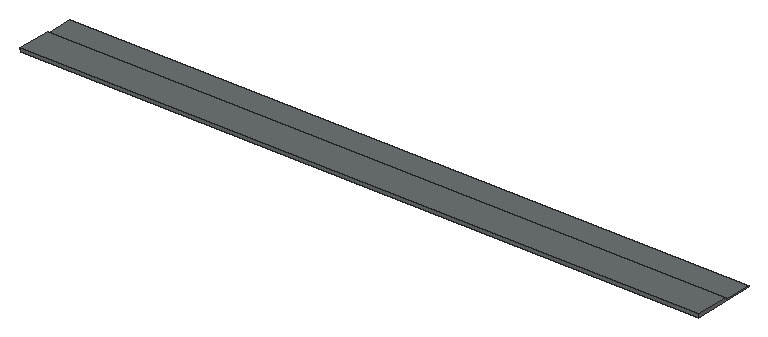
Revit family "BIMLIB_ПланкаФинишная_GRANDLINE", category Обобщенные модели, Revit 2017
Family settings
  Может служить основой для арматурных стержней = Нет
  Размер круглого соединителя = Использовать диаметр
  Тип детали = Нормальный
  При загрузке вырезать с полостями = Нет
  Общий = Нет
  Точка расчета площади = Нет
Parameters (values of type "Планка финишная")
  Смещение от плоскости [instance] = 0 mm
  Описание = ADSK_Наименование  # "Планка финишная"
  Изготовитель = "Grand Line"  # constant formula
  built-in parameter 1001306 [instance] = 500 mm
  Watermark [instance] = "Модели защищены уникальным кодом"
  URL = "https://www.grandline.ru"
  BL_Разработано = "support@bimlib.pro"
  BL_Email = "info@grandline.ru"
  BL_BIM library = "https://bimlib.pro/manufacturer/company/22430"
  ADSK_Размер_Длина [instance] = [built-in parameter 1001306]  # 500 mm
  ADSK_Обозначение = "ГОСТ 19904-90, ГОСТ 14918-80"
  ADSK_Наименование = "Планка финишная"
  ADSK_Материал тип подсчета = 1  # constant formula
  ADSK_Материал = GL_Drap_RAL7016
  ADSK_Масса_Текст [instance] = ""
  ADSK_Масса [instance] = 0
  ADSK_Марка = ""
  ADSK_Количество [instance] = if(ADSK_Материал тип подсчета = 0, 1, if(ADSK_Материал тип подсчета = 1, ADSK_Размер_Длина / 1000 mm, 0))  # 0.5
  ADSK_Код изделия = "M16.016.01"  # constant formula
  ADSK_Завод-изготовитель = "Grand Line"  # constant formula
  ADSK_Единица измерения = "м"  # constant formula
  ADSK_Группирование = "Доборные элементы"  # constant formula
  ADSK_Версия Revit = "2017"  # constant formula
  ADSK_URL страницы изделия = "https://www.grandline.ru/planka-finisnaa-1200h46h25-05-satin-s-plenkoj-ral-9003-signalnyj-belyj-390791.html"
  ADSK_URL документации изделия = "https://www.grandline.ru/uploads/files/chertezhi_vse/dobornye_elementy/de_sofity/Planka_finishnaia_46x25.jpg"
Reference planes
  plane 1 "По центру (Вперед/Назад)": y = 0
  plane 2: z = 0
  plane 3 "Слева": x = 0
  plane 4 "Справа": x = 500
Forms (mm)
  Sweep 1, solid, material "GL_Drap_RAL7016" <- "ADSK_Материал"
    path in 3D
      loop
        line (0, 0, 0) -> (500, 0, 0)
    profile "Профиль_ПланкаФинишная : Профиль" origin (250, 0, 0) x (0, 1, 0) y (0, 0, 1)
      loop
        line (-24.2, 1.6) -> (-24.2, 0.8) -> (-12, 0.8) -> (-12, 1.6) -> (-24.2, 1.6)
      loop
        line (21, 0) -> (21, 0.8) -> (0, 0.8) -> (0, 2.4) -> (-25, 2.4) -> (-25, 0) -> (21, 0)
Lines and regions (mm)
  reference lines
    curve 1: line (0, 0, 0) -> (500, 0, 0)
  sketch lines
    curve 2: line (0, 0, 0) -> (500, 0, 0)
Dimensions and locks
  "built-in parameter 1001306": plane 3 "Слева" to plane 4 "Справа"
  aligned and locked: plane 4 "Справа" to curve 1
  aligned and locked: plane 1 "По центру (Вперед/Назад)" to curve 1
  aligned and locked: plane 3 "Слева" to curve 1
  aligned and locked: level to plane 2
